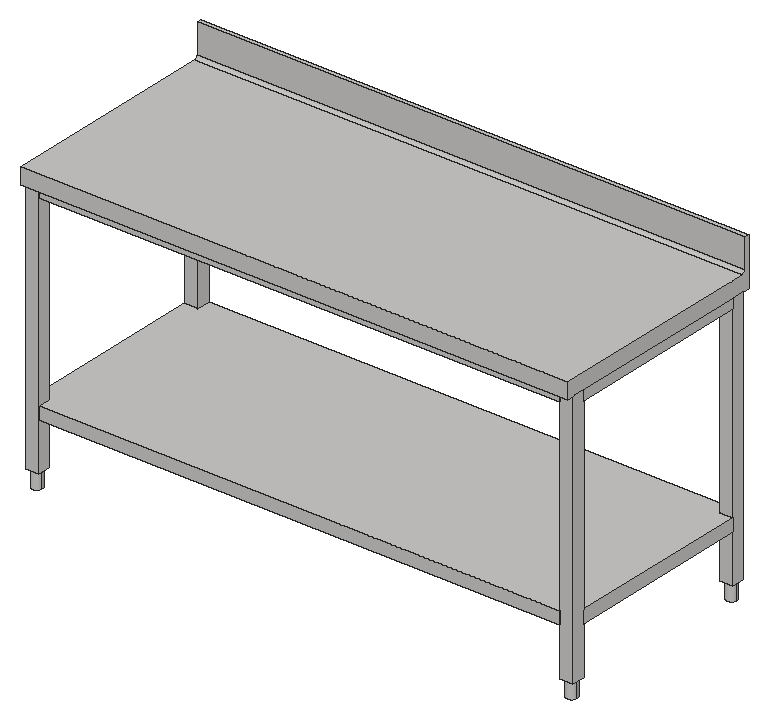
Revit family "QF_ELECTROLUXPROFESSIONAL_134100_LSGTG1710E", category Attrezzature speciali, Revit 2020
Family settings
  Quota connettore circolare = Usa diametro
  Tipo di parte = Normale
  Basato su piano di lavoro = No
  Sempre verticale = Sì
  Taglio con vuoti quando caricato = No
  Condiviso = No
  Punto di calcolo locali = No
Parameters (values of type "Standard")
  Weight = 57.50 kg
  Watts = 0 W
  Volts = 0 V
  URL Manufacturer = "https://www.electroluxprofessional.com/"
  URL = "https://www.electroluxprofessional.com/"
  Steam Supply Size = 0 mm
  Steam Supply Minimum Pressure = 0.0 Pa
  Steam Supply Maximum Pressure = 0.0 Pa
  Steam Consumption per Hour = 0
  Refrigeration Suction Line Size = 0.0 mm
  Refrigeration Liquid Line Size = 0.0 mm
  Refrigerant Compressor Remote = yes
  Prospetto di default = 0.0 mm
  Produttore = "Electrolux Professional"
  Phase = 0
  Modello = "LSGTG1710E"
  Length Actual = 1700.0 mm  # constant formula
  Item Number = "134100"
  Hot Water Size = 0 mm
  Height Actual = 1000.0 mm  # constant formula
  HP = "0 HP"
  Gas Size = 0 mm
  Gas KW = 0
  Gas Input Pressure = 0 W
  Direct Waste Size = 0 mm
  Descrizione = "WORK TABLE  1700 MM+UPSTAND+LOWER SHELF"
  Depth Actual = 700.0 mm  # constant formula
  Cycle = 0 Hz
  Condensate Return Size = 0 mm
  Compressed Air Volume = 0.0 L/s
  Compressed Air Size = 0 mm
  Compressed Air Pressure = 0.0 Pa
  Cold Water Size = 0 mm
  Accessory = yes
Reference planes
  plane 1 "Center (Front/Back)": y = 0
  plane 2: z = 0
  plane 3 "Center (Left/Right)": x = -350
  plane 4 "LEFT": x = -1200
  plane 5 "RIGHT": x = 500
  plane 6 "BACK": y = 350
  plane 7 "FRONT": y = -350
  plane 8 "Base": z = 850
  plane 9 "TOP": z = 900
  plane 10: x = -1180
  plane 11: x = 480
  plane 12: y = 310
  plane 13: y = -310
  plane 14 "TRAVERSI": z = 820
  plane 15: x = -1160
  plane 16: x = 460
  plane 17: y = 290
  plane 18: y = -290
  plane 19: y = 330
  plane 20: y = -330
  plane 21 "Plane": z = 200
Forms (mm)
  Extrusion 1, solid, material "QF_Finishes_Stainless Steel"
    sketch origin (-350, 0, 0) x (0, 1, 0) y (0, 0, 1)
      loop
        line (-350, 850) -> (350, 850) -> (350, 1000) -> (337, 1000) -> (337, 910)
        arc (337, 910) -> (334.071, 902.929) -> (327, 900) r 10
        line (327, 900) -> (-350, 900) -> (-350, 850)
    from 850 to -850
  Extrusion 2, solid, material "QF_Finishes_Stainless Steel"
    sketch origin (0, 0, 820) x (0, 1, 0) y (-1, 0, 0)
      loop
        line (290, -460) -> (-290, -460) -> (-290, -500) -> (290, -500) -> (290, -460)
      loop
        line (290, 1200) -> (-290, 1200) -> (-290, 1160) -> (290, 1160) -> (290, 1200)
    from 0 to 30
  Extrusion 3, solid, material "QF_Finishes_Stainless Steel"
    sketch origin (0, 0, 820) x (0, 1, 0) y (-1, 0, 0)
      loop
        line (330, -460) -> (330, 1160) -> (290, 1160) -> (290, -460) -> (330, -460)
      loop
        line (-290, 1160) -> (-330, 1160) -> (-330, -460) -> (-290, -460) -> (-290, 1160)
    from 0 to 30
  Extrusion 4, solid, material "QF_Finishes_Stainless Steel"
    sketch origin (0, 0, 200) x (0, 1, 0) y (-1, 0, 0)
      loop
        line (290, 1200) -> (-290, 1200) -> (-290, 1160) -> (-330, 1160) -> (-330, -460) -> (-290, -460) -> (-290, -500) -> (290, -500) -> (290, -460) -> (330, -460) -> (330, 1160) -> (290, 1160) -> (290, 1200)
    from 0 to 40
Lines and regions (mm)
  symbolic lines
    curve 1: line (500, 350, 900) -> (-1200, 350, 900)
    curve 2: line (-1200, 350, 900) -> (-1200, -350, 900)
    curve 3: line (-1200, -350, 900) -> (500, -350, 900)
    curve 4: line (500, -350, 900) -> (500, 350, 900)
    curve 5: line (-1200, 337, 820) -> (500, 337, 820)
Dimensions and locks
  plane 4 "LEFT" to plane 5 "RIGHT" = 1700.0 mm
  equal spacing: plane 4 "LEFT", plane 3 "Center (Left/Right)", plane 5 "RIGHT"
  plane 4 "LEFT" to plane 10 = 20.0 mm
  plane 11 to plane 5 "RIGHT" = 20.0 mm
  plane 10 to plane 11 = 1660.0 mm
  plane 6 "BACK" to plane 12 = 40.0 mm
  plane 13 to plane 7 "FRONT" = 40.0 mm
  plane 6 "BACK" to plane 7 "FRONT" = 700.0 mm
  plane 12 to plane 13 = 620.0 mm
  equal spacing: plane 6 "BACK", plane 1 "Center (Front/Back)", plane 7 "FRONT"
  plane 8 "Base" to plane 14 "TRAVERSI" = 30.0 mm
  locked: plane 10 to plane 15 at 20
  locked: plane 16 to plane 11 at 20
  locked: plane 19 to plane 12 at 20
  locked: plane 12 to plane 17 at 20
  locked: plane 18 to plane 13 at 20
  locked: plane 13 to plane 20 at 20
  locked: plane 8 "Base" to level at 850
  locked: Extrusion 1 to level at 1000
  locked: plane 21 "Plane" to level at 200
  aligned and locked: level to plane 2
  aligned and locked: plane 10 to nested 1
  aligned and locked: nested 1 to plane 13
  aligned and locked: plane 11 to nested 2
  aligned and locked: nested 2 to plane 13
  aligned and locked: plane 11 to nested 4
  aligned and locked: nested 4 to plane 12
  aligned and locked: plane 10 to nested 3
  aligned and locked: nested 3 to plane 12
  aligned and locked: Extrusion 1 to plane 4 "LEFT"
  aligned and locked: plane 5 "RIGHT" to Extrusion 1
  aligned and locked: curve 2 to plane 4 "LEFT"
  aligned and locked: Extrusion 2 sketch curve to plane 5 "RIGHT"
  aligned and locked: Extrusion 2 sketch curve to plane 17  (x2)
  aligned and locked: plane 16 to Extrusion 2 sketch curve
  aligned and locked: plane 18 to Extrusion 2 sketch curve  (x2)
  aligned and locked: plane 4 "LEFT" to Extrusion 2 sketch curve
  aligned and locked: Extrusion 2 sketch curve to plane 15
  aligned and locked: plane 19 to Extrusion 3 sketch curve
  aligned and locked: Extrusion 3 sketch curve to plane 17
  aligned and locked: Extrusion 3 sketch curve to plane 18
  aligned and locked: plane 20 to Extrusion 3 sketch curve
  aligned and locked: Extrusion 3 sketch curve to plane 15
  aligned and locked: plane 15 to Extrusion 3 sketch curve
  aligned and locked: plane 16 to Extrusion 3 sketch curve
  aligned and locked: Extrusion 3 sketch curve to plane 16
  aligned and locked: curve 5 to Extrusion 1
  aligned and locked: plane 19 to Extrusion 4 sketch curve
  aligned and locked: plane 5 "RIGHT" to Extrusion 4 sketch curve
  aligned and locked: Extrusion 4 sketch curve to plane 4 "LEFT"
  aligned and locked: Extrusion 4 sketch curve to plane 20
  aligned and locked: Extrusion 4 sketch curve to Extrusion 2
  aligned and locked: Extrusion 4 sketch curve to plane 15
  aligned and locked: plane 17 to Extrusion 4 sketch curve  (x2)
  aligned and locked: Extrusion 4 sketch curve to plane 18  (x2)
  aligned and locked: plane 16 to Extrusion 4 sketch curve  (x2)
Automatic sketch dimensions
  curve 3 to plane 7 "FRONT" = 0.0 mm
  curve 4 to plane 6 "BACK" = 0.0 mm
  curve 4 to plane 5 "RIGHT" = 0.0 mm
  Extrusion 1 sketch curve to plane 7 "FRONT" = 0.0 mm
  Extrusion 1 sketch curve to plane 9 "TOP" = 0.0 mm
  Extrusion 1 sketch curve to plane 6 "BACK" = 0.0 mm
  Extrusion 1 sketch curve to plane 8 "Base" = 0.0 mm
  Extrusion 1 sketch curve to plane 19 = 3.0 mm
  plane 19 to Extrusion 1 sketch curve = 7.0 mm
  Extrusion 1 sketch curve to Extrusion 1 sketch curve = 90.0 mm
  curve 5 to plane 5 "RIGHT" = 0.0 mm
  curve 5 to plane 4 "LEFT" = 0.0 mm
Nested families
  nested 1: "FEET_40x40_P50" at (-1180, -310, 0), type "FEET_40x40_P50"
  nested 2: "FEET_40x40_P50" at (480, -310, 0), type "FEET_40x40_P50"
  nested 3: "FEET_40x40_P50" at (-1180, 310, 0), type "FEET_40x40_P50"
  nested 4: "FEET_40x40_P50" at (480, 310, 0), type "FEET_40x40_P50"
Definition of nested family "FEET_40x40_P50"
  Parameters
    Default Elevation = 0.0 mm
    FEET = 850.0 mm
  Reference planes
    plane 1 "Center (Front/Back)": y = 0
    plane 2: z = 0
    plane 3 "Center (Left/Right)": x = 0
    plane 4: z = 850
  Forms (mm)
    Extrusion 1, solid
      sketch origin (0, 0, 0) x (1, 0, 0) y (0, 1, 0)
        loop
          line (-20, -20) -> (20, -20) -> (20, 20) -> (-20, 20) -> (-20, -20)
      from 50 to 850
    Extrusion 2, solid
      sketch origin (0, 0, 0) x (1, 0, 0) y (0, 1, 0)
        loop
          circle (0, 0) r 16
      from 0 to 50
  Lines and regions (mm)
    symbolic lines
      curve 1: line (0, -1.503, 0) -> (0, 1.508, 0)
      curve 2: line (1.561, 0, 0) -> (-1.439, 0, 0)
  Dimensions and locks
    "FEET": plane 4 to plane 2
    aligned and locked: level to plane 2
  Automatic sketch dimensions
    Extrusion 1 sketch curve to plane 3 "Center (Left/Right)" = 20.0 mm
    plane 3 "Center (Left/Right)" to Extrusion 1 sketch curve = 20.0 mm
    plane 1 "Center (Front/Back)" to Extrusion 1 sketch curve = 20.0 mm
    Extrusion 1 sketch curve to plane 1 "Center (Front/Back)" = 20.0 mm
    plane 1 "Center (Front/Back)" to Extrusion 2 sketch curve = 0.0 mm
    Extrusion 2 sketch curve to plane 3 "Center (Left/Right)" = 0.0 mm
    plane 1 "Center (Front/Back)" to curve 2 = 0.0 mm
    curve 1 to plane 3 "Center (Left/Right)" = 0.0 mm
    curve 2 to plane 3 "Center (Left/Right)" = 1.439 mm
    plane 3 "Center (Left/Right)" to curve 2 = 1.561 mm
    plane 1 "Center (Front/Back)" to curve 1 = 1.503 mm
    curve 1 to plane 1 "Center (Front/Back)" = 1.508 mm
    radius of Extrusion 2 sketch curve = 16.0 mm
